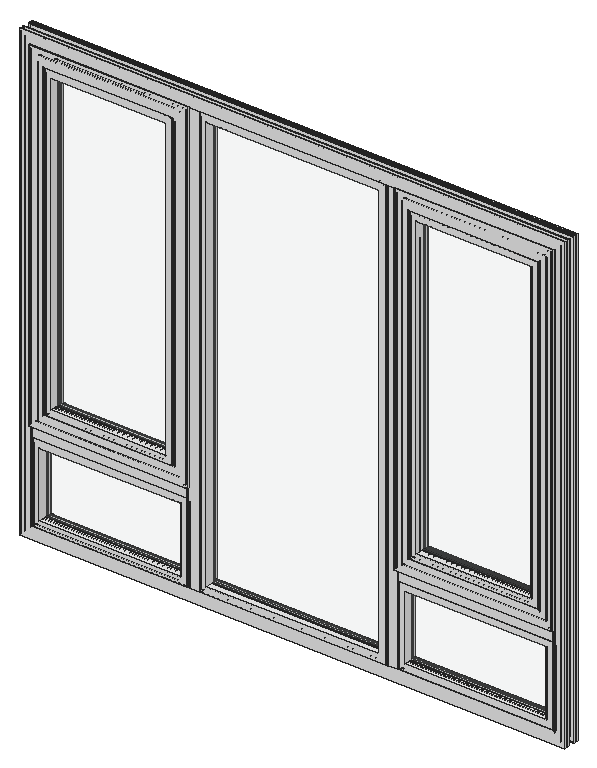
Revit family "Serene_T&T_Window_F_Custom", category Windows, host Wall, Revit 2014 (continued)
Definition of nested family "Serene_Fixed_Panel_F_Cust"
  Parameters (values of type "Serene_Fixed_Panel")
    Glazing Edge Spacing = 5 mm  # constant formula
    Fixed Panel Width [instance] = 600 mm
    Fixed Panel Height [instance] = 900 mm
    Double Glazing Gasket Material [instance] = none
    Double Glazing [instance] = yes
    DG Thickness [instance] = 4 mm
    DG Space Available [instance] = 24 mm  # constant formula
    DG Offset [instance] = (DG Space Available - (DG Thickness * 2) - DG Gasket Thickness) / 2  # 2 mm
    DG Gasket Thickness [instance] = 12 mm
  Reference planes
    plane 1 "Center (Front/Back)": y = 0
    plane 2: z = 0
    plane 3 "Center (Left/Right)": x = 0
  Dimensions and locks
    "Glazing Edge Spacing": plane 3 "Center (Left/Right)" to nested 3
    "Glazing Edge Spacing": plane 3 "Center (Left/Right)" to nested 4
    "Glazing Edge Spacing": nested 3 to plane 2
    "Glazing Edge Spacing": nested 4 to plane 2
    "SG Offset": nested 3 to nested 1
    "DG Offset": nested 4 to nested 2
    aligned and locked: level to plane 2
    aligned and locked: plane 3 "Center (Left/Right)" to nested 1
    aligned and locked: plane 1 "Center (Front/Back)" to nested 1
    aligned and locked: nested 1 to plane 2
    aligned and locked: plane 3 "Center (Left/Right)" to nested 2
    aligned and locked: plane 1 "Center (Front/Back)" to nested 2
    aligned and locked: nested 2 to plane 2
  Nested families
    nested 1: "Serene_Bead_Square_12mm" at (0, 0, 0), visible <- "Single Glazing", Profile Material <- "Profile Material", Width Bead <- "Fixed Panel Width", Height Bead <- "Fixed Panel Height", type "Serene_Bead_Square_12mm"
      with Width Bead 600 mm, Profile Material none, Height Bead 900 mm
    nested 2: "Serene_Bead_D_Glazing_Square" at (0, 0, 0), visible <- "Double Glazing", Profile Material <- "Profile Material", Width Bead <- "Fixed Panel Width", Height Bead <- "Fixed Panel Height", type "Serene_Bead_D_Glazing_Square"
      with Width Bead 600 mm, Profile Material none, Height Bead 900 mm
    nested 3: "Serene_Single_Glazing_Fixed_F_Cust" at (595, 36, 5), visible <- "Single Glazing", Glazing Material <- "Glazing Material", Glazing Width <- "Glazing Width", Glazing Height <- "Glazing Height", Glazing Thickness SG <- "SG Thickness", type "Serene_Single_Glazing_Fixed_F_Cust"
      with Glazing Width 590 mm, Glazing Thickness SG 4 mm, Glazing Material Glass, Glazing Height 890 mm
    nested 4: "Serene_Double_Glazing_Fixed_F_Cust" at (595, 38.5, 5), visible <- "Double Glazing", Glazing Material <- "Glazing Material", Double Glazing Gasket Material <- "Double Glazing Gasket Material", Glazing Width <- "Glazing Width", Glazing Height <- "Glazing Height", Glazing Thickness DG <- "DG Thickness", Double Glazing Gasket Thickness <- "DG Gasket Thickness", type "Serene_Double_Glazing_Fixed_F_Cust"
      with Glazing Width 590 mm, Glazing Thickness DG 4 mm, Glazing Material Glass, Glazing Height 890 mm, Double Glazing Gasket Thickness 12 mm, Double Glazing Gasket Material none
  Definition of nested family "Serene_Bead_Square_12mm"
    Parameters (values of type "Serene_Bead_Square_12mm")
      Profile Material [instance] = none
      Width Bead [instance] = 600 mm
      Height Bead [instance] = 900 mm
    Reference planes
      plane 1 "Center (Front/Back)": y = 0
      plane 2: z = 0
      plane 3 "Center (Left/Right)": x = 0
    Forms (mm)
      Sweep 1, solid, material <- "Profile Material"
        path origin (0, 0, 0) x (1, 0, 0) y (0, 0, 1)
          loop
            line (0, 0) -> (600, 0) -> (600, 900) -> (0, 900) -> (0, 0)
        profile origin (300, 0, 0) x (0, 0, 1) y (0, -1, 0)
          loop
            line (20.8, -26.3) -> (19.6, -26.3) -> (19.6, -27.5) -> (22, -27.5) -> (22, 0) -> (0, 0) -> (0, -1.2) -> (1.2, -1.2) -> (1.2, -4.2) -> (-1.876, -4.2) -> (-1.876, -3.293) -> (-3.909, -4.467)
            arc (-3.909, -4.467) -> (-4.142, -5.029) -> (-3.659, -5.4) r 0.5
            line (-3.659, -5.4) -> (1.4, -5.4)
            arc (1.4, -5.4) -> (2.107, -5.107) -> (2.4, -4.4) r 1
            line (2.4, -4.4) -> (2.4, -1.2) -> (20.8, -1.2) -> (20.8, -16.2) -> (-3.659, -16.2)
            arc (-3.659, -16.2) -> (-4.142, -16.571) -> (-3.909, -17.133) r 0.5
            line (-3.909, -17.133) -> (-1.876, -18.307) -> (-1.876, -17.4) -> (20.8, -17.4) -> (20.8, -23.4) -> (14.6, -23.4) -> (14.6, -27.5) -> (17, -27.5) -> (17, -26.3) -> (15.8, -26.3) -> (15.8, -24.6) -> (20.8, -24.6) -> (20.8, -26.3)
    Lines and regions (mm)
      model lines, style "GenericModel"
        curve 1: line (22, 0, 878) -> (0, 0, 900)
        curve 2: line (578, 0, 878) -> (600, 0, 900)
        curve 3: line (578, 0, 22) -> (600, 0, 0)
        curve 4: line (22, 0, 22) -> (0, 0, 0)
    Dimensions and locks
      "Width Bead": Sweep 1 sketch curve to Sweep 1 sketch curve
      "Height Bead": Sweep 1 sketch curve to Sweep 1 sketch curve
      aligned and locked: level to plane 2
    Automatic sketch dimensions
      profile plane to Sweep 1 sketch curve = 3.909 mm
      Sweep 1 sketch curve to Sweep 1 sketch curve = 0 mm  (x4)
      Sweep 1 sketch curve to Sweep 1 sketch curve = 0.25 mm  (x2)
      Sweep 1 sketch curve to Sweep 1 sketch curve = 1.783 mm  (x2)
      Sweep 1 sketch curve to Sweep 1 sketch curve = 1.876 mm
      Sweep 1 sketch curve to Sweep 1 sketch curve = 3.076 mm
      Sweep 1 sketch curve to Sweep 1 sketch curve = 0.2 mm  (x2)
      Sweep 1 sketch curve to Sweep 1 sketch curve = 1.2 mm  (x9)
      Sweep 1 sketch curve to Sweep 1 sketch curve = 16.476 mm
      Sweep 1 sketch curve to Sweep 1 sketch curve = 2.6 mm
      Sweep 1 sketch curve to plane 1 "Center (Front/Back)" = 27.5 mm
      Sweep 1 sketch curve to Sweep 1 sketch curve = 1.7 mm
      Sweep 1 sketch curve to Sweep 1 sketch curve = 5.093 mm
      Sweep 1 sketch curve to Sweep 1 sketch curve = 6 mm
      Sweep 1 sketch curve to Sweep 1 sketch curve = 0.267 mm
      Sweep 1 sketch curve to Sweep 1 sketch curve = 0.433 mm
      Sweep 1 sketch curve to Sweep 1 sketch curve = 10.8 mm
      Sweep 1 sketch curve to Sweep 1 sketch curve = 0.5 mm
      Sweep 1 sketch curve to Sweep 1 sketch curve = 0.907 mm
      Sweep 1 sketch curve to Sweep 1 sketch curve = 2.093 mm
      Sweep 1 sketch curve to Sweep 1 sketch curve = 15 mm
      curve 1 to Sweep 1 = 0 mm  (x4)
      curve 4 to Sweep 1 = 0 mm  (x3)
      Sweep 1 to curve 4 = 0 mm
      curve 3 to Sweep 1 = 0 mm  (x3)
      curve 2 to Sweep 1 = 0 mm  (x4)
      Sweep 1 to curve 3 = 0 mm
      Sweep 1 sketch curve to plane 3 "Center (Left/Right)" = 0 mm
      Sweep 1 sketch curve to level = 0 mm
  Definition of nested family "Serene_Bead_D_Glazing_Square"
    Parameters (values of type "Serene_Bead_D_Glazing_Square")
      Width Bead [instance] = 900 mm
      Profile Material [instance] = none
      Height Bead [instance] = 1320 mm
    Reference planes
      plane 1 "Center (Front/Back)": y = 0
      plane 2: z = 0
      plane 3 "Center (Left/Right)": x = 0
    Forms (mm)
      Sweep 1, solid, material <- "Profile Material"
        path origin (0, 0, 0) x (1, 0, 0) y (0, 0, 1)
          loop
            line (0, 0) -> (900, 0) -> (900, 1320) -> (0, 1320) -> (0, 0)
        profile origin (450, 0, 0) x (0, 0, 1) y (0, -1, 0)
          loop
            line (22, -16.5) -> (22, 0) -> (0, 0) -> (0, -1.2) -> (1.2, -1.2) -> (1.2, -4.2) -> (-1.876, -4.2) -> (-1.876, -3.293) -> (-3.909, -4.467)
            arc (-3.909, -4.467) -> (-4.142, -5.029) -> (-3.659, -5.4) r 0.5
            line (-3.659, -5.4) -> (1.4, -5.4)
            arc (1.4, -5.4) -> (2.107, -5.107) -> (2.4, -4.4) r 1
            line (2.4, -4.4) -> (2.4, -1.2) -> (20.8, -1.2) -> (20.8, -12.4) -> (14.6, -12.4) -> (0, -16.7) -> (-3.659, -16.7)
            arc (-3.659, -16.7) -> (-4.142, -17.071) -> (-3.909, -17.633) r 0.5
            line (-3.909, -17.633) -> (-1.876, -18.807) -> (-1.876, -17.9) -> (0.173, -17.9) -> (14.6, -13.651) -> (14.6, -16.5) -> (17, -16.5) -> (17, -15.3) -> (15.8, -15.3) -> (15.8, -13.6) -> (20.8, -13.6) -> (20.8, -15.3) -> (19.6, -15.3) -> (19.6, -16.5) -> (22, -16.5)
    Lines and regions (mm)
      model lines, style "GenericModel"
        curve 1: line (22, 0, 1298) -> (0, 0, 1298)
        curve 2: line (878, 0, 1298) -> (900, 0, 1298)
        curve 3: line (878, 0, 22) -> (900, 0, 22)
        curve 4: line (22, 0, 22) -> (0, 0, 22)
    Dimensions and locks
      "Width Bead": Sweep 1 sketch curve to Sweep 1 sketch curve
      "Height Bead": Sweep 1 sketch curve to Sweep 1 sketch curve
      aligned and locked: level to plane 2
    Automatic sketch dimensions
      profile plane to Sweep 1 sketch curve = 3.909 mm  (x2)
      Sweep 1 sketch curve to Sweep 1 sketch curve = 0.25 mm  (x2)
      Sweep 1 sketch curve to Sweep 1 sketch curve = 2.033 mm
      Sweep 1 sketch curve to Sweep 1 sketch curve = 1.783 mm
      Sweep 1 sketch curve to Sweep 1 sketch curve = 1.876 mm  (x2)
      Sweep 1 sketch curve to Sweep 1 sketch curve = 0.173 mm
      Sweep 1 sketch curve to Sweep 1 sketch curve = 1.2 mm  (x9)
      Sweep 1 sketch curve to Sweep 1 sketch curve = 0.2 mm
      Sweep 1 sketch curve to Sweep 1 sketch curve = 12.2 mm
      Sweep 1 sketch curve to Sweep 1 sketch curve = 0 mm  (x4)
      Sweep 1 sketch curve to Sweep 1 sketch curve = 2.6 mm
      Sweep 1 sketch curve to plane 1 "Center (Front/Back)" = 18.807 mm
      Sweep 1 sketch curve to Sweep 1 sketch curve = 0.907 mm  (x2)
      Sweep 1 sketch curve to Sweep 1 sketch curve = 0.267 mm
      Sweep 1 sketch curve to Sweep 1 sketch curve = 0.433 mm
      Sweep 1 sketch curve to plane 1 "Center (Front/Back)" = 16.5 mm
      Sweep 1 sketch curve to Sweep 1 sketch curve = 1.649 mm
      Sweep 1 sketch curve to Sweep 1 sketch curve = 1.7 mm
      Sweep 1 sketch curve to Sweep 1 sketch curve = 1.251 mm
      Sweep 1 sketch curve to Sweep 1 sketch curve = 11.3 mm
      Sweep 1 sketch curve to Sweep 1 sketch curve = 0.5 mm
      Sweep 1 sketch curve to Sweep 1 sketch curve = 0.7 mm
      Sweep 1 sketch curve to Sweep 1 sketch curve = 3 mm
      curve 1 to Sweep 1 = 0 mm  (x3)
      curve 4 to Sweep 1 = 0 mm  (x2)
      Sweep 1 to curve 4 = 0 mm
      curve 3 to Sweep 1 = 0 mm  (x2)
      curve 2 to Sweep 1 = 0 mm  (x2)
      Sweep 1 to curve 3 = 0 mm
      Sweep 1 to curve 2 = 0 mm
      Sweep 1 sketch curve to plane 3 "Center (Left/Right)" = 0 mm
      Sweep 1 sketch curve to level = 0 mm
  Definition of nested family "Serene_Single_Glazing_Fixed_F_Cust"
    Parameters (values of type "Single_Glazing_Fixed")
      Glazing Width [instance] = 900 mm
      Glazing Height [instance] = 1500 mm
      Glazing Thickness SG [instance] = 4 mm
      Glazing Material [instance] = Glass
    Reference planes
      plane 1 "Center (Front/Back)": y = 0
      plane 2: z = 0
      plane 3 "Center (Left/Right)": x = 0
    Forms (mm)
      Extrusion 1, solid, material "Glass" <- "Glazing Material"
        sketch origin (0, 0, 0) x (1, 0, 0) y (0, 0, 1)
          loop
            line (0, 0) -> (0, 1500) -> (-900, 1500) -> (-900, 0) -> (0, 0)
        from 0 to 4 <- "Glazing Thickness SG"
    Dimensions and locks
      "Glazing Width": plane 3 "Center (Left/Right)" to Extrusion 1 sketch curve
      "Glazing Height": Extrusion 1 sketch curve to level
      aligned and locked: level to plane 2
      aligned and locked: Extrusion 1 sketch curve to plane 3 "Center (Left/Right)"
      aligned and locked: level to Extrusion 1 sketch curve
  Definition of nested family "Serene_Double_Glazing_Fixed_F_Cust"
    Parameters (values of type "Double_Glazing_Fixed")
      Glazing Width [instance] = 600 mm
      Glazing Height [instance] = 600 mm
      Glazing Thickness DG [instance] = 4 mm
      Glazing Material [instance] = Glass
      Double Glazing Gasket Thickness [instance] = 12 mm
      Double Glazing Gasket Material [instance] = none
    Reference planes
      plane 1 "Center (Front/Back)": y = 0
      plane 2: z = 0
      plane 3 "Center (Left/Right)": x = 0
    Forms (mm)
      Extrusion 1, solid, material "Glass" <- "Glazing Material"
        sketch origin (0, 0, 0) x (1, 0, 0) y (0, 0, 1)
          loop
            line (0, 0) -> (0, 600) -> (-600, 600) -> (-600, 0) -> (0, 0)
        from 0 to 4 <- "Glazing Thickness DG"
      Extrusion 2, solid, material <- "Double Glazing Gasket Material"
        sketch origin (0, -4, 0) x (1, 0, 0) y (0, 0, 1)
          loop
            line (-600, 600) -> (-600, 0) -> (0, 0) -> (0, 600) -> (-600, 600)
          loop
            line (-592, 8) -> (-8, 8) -> (-8, 592) -> (-592, 592) -> (-592, 8)
        from 0 to 12 <- "Double Glazing Gasket Thickness"
      Extrusion 3, solid, material "Glass" <- "Glazing Material"
        sketch origin (0, -16, 0) x (1, 0, 0) y (0, 0, 1)
          loop
            line (-600, 600) -> (-600, 0) -> (0, 0) -> (0, 600) -> (-600, 600)
        from 0 to 4 <- "Glazing Thickness DG"
    Dimensions and locks
      "Glazing Width": plane 3 "Center (Left/Right)" to Extrusion 1 sketch curve
      "Glazing Height": Extrusion 1 sketch curve to level
      aligned and locked: level to plane 2
      aligned and locked: Extrusion 1 sketch curve to plane 3 "Center (Left/Right)"
      aligned and locked: level to Extrusion 1 sketch curve
      aligned and locked: Extrusion 2 sketch curve to Extrusion 1  (x4)
      aligned and locked: Extrusion 3 sketch curve to Extrusion 2  (x4)
    Automatic sketch dimensions
      Extrusion 2 sketch curve to Extrusion 1 = 8 mm  (x4)
Definition of nested family "Serene_Single_Glazing_Tilt_&_Turn_F_Cust"
  Parameters (values of type "Single_Glazing_Tilt_&_Turn")
    Tilt [instance] = yes
    Right Hinged [instance] = yes
    Left Hinged [instance] = yes
    Half Width [instance] = Glazing Width / 2  # 450 mm
    Half Height [instance] = Glazing Height / 2  # 750 mm
    Glazing Width [instance] = 900 mm
    Glazing Height [instance] = 1500 mm
    Glazing Thickness SG [instance] = 4 mm
    Glazing Material [instance] = Glass
    Glazing Bead Gap = 21.8 mm  # constant formula
  Reference planes
    plane 1 "Center (Front/Back)": y = 0
    plane 2: z = 0
    plane 3 "Center (Left/Right)": x = 0
  Forms (mm)
    Extrusion 1, solid, material "Glass" <- "Glazing Material"
      sketch origin (0, 0, 0) x (1, 0, 0) y (0, 0, 1)
        loop
          line (0, 0) -> (0, 1500) -> (-900, 1500) -> (-900, 0) -> (0, 0)
      from 0 to 4 <- "Glazing Thickness SG"
  Lines and regions (mm)
    model lines, style "GenericModelHiddenLines", visible <- "Left Hinged"
      curve 1: line (-878.2, 0, 1478.2) -> (-21.8, 0, 750)
      curve 2: line (-21.8, 0, 750) -> (-878.2, 0, 21.8)
    model lines, style "GenericModelHiddenLines", visible <- "Right Hinged"
      curve 3: line (-21.8, 0, 1478.2) -> (-878.2, 0, 750)
      curve 4: line (-878.2, 0, 750) -> (-21.8, 0, 21.8)
    model lines, style "GenericModelHiddenLines", visible <- "Tilt"
      curve 5: line (-878.2, 0, 21.8) -> (-450, 0, 1478.2)
      curve 6: line (-450, 0, 1478.2) -> (-21.8, 0, 21.8)
  Dimensions and locks
    "Glazing Width": plane 3 "Center (Left/Right)" to Extrusion 1 sketch curve
    "Glazing Height": Extrusion 1 sketch curve to level
    "Glazing Bead Gap": curve 2 to Extrusion 1
    "Glazing Bead Gap": Extrusion 1 to curve 2  (x2)
    "Glazing Bead Gap": Extrusion 1 to curve 4  (x2)
    "Glazing Bead Gap": curve 4 to Extrusion 1
    "Glazing Bead Gap": Extrusion 1 to curve 3  (x2)
    "Glazing Bead Gap": Extrusion 1 to curve 1  (x2)
    "Half Height": curve 4 to Extrusion 1
    "Half Height": curve 2 to Extrusion 1
    "Glazing Bead Gap": Extrusion 1 to curve 6
    "Half Width": plane 3 "Center (Left/Right)" to curve 6
    aligned and locked: level to plane 2
    aligned and locked: Extrusion 1 sketch curve to plane 3 "Center (Left/Right)"
    aligned and locked: level to Extrusion 1 sketch curve
Definition of nested family "Serene_Single_Glazing_Fixed_F_Cust"
  Parameters (values of type "Single_Glazing_Fixed")
    Glazing Width [instance] = 900 mm
    Glazing Height [instance] = 1500 mm
    Glazing Thickness SG [instance] = 4 mm
    Glazing Material [instance] = Glass
  Reference planes
    plane 1 "Center (Front/Back)": y = 0
    plane 2: z = 0
    plane 3 "Center (Left/Right)": x = 0
  Forms (mm)
    Extrusion 1, solid, material "Glass" <- "Glazing Material"
      sketch origin (0, 0, 0) x (1, 0, 0) y (0, 0, 1)
        loop
          line (0, 0) -> (0, 1500) -> (-900, 1500) -> (-900, 0) -> (0, 0)
      from 0 to 4 <- "Glazing Thickness SG"
  Dimensions and locks
    "Glazing Width": plane 3 "Center (Left/Right)" to Extrusion 1 sketch curve
    "Glazing Height": Extrusion 1 sketch curve to level
    aligned and locked: level to plane 2
    aligned and locked: Extrusion 1 sketch curve to plane 3 "Center (Left/Right)"
    aligned and locked: level to Extrusion 1 sketch curve
Definition of nested family "Serene_Transom_44mm_Flat_F_Cust"
  Parameters (values of type "Serene_Transom_44mm_Flat")
    Profile Material [instance] = none
    Length Transom [instance] = 250 mm
    Length Cut = 22 mm  # constant formula
  Reference planes
    plane 1 "Center (Front/Back)": y = 0
    plane 2: z = 0
    plane 3 "Center (Left/Right)": x = 0
  Forms (mm)
    Extrusion 1, solid, material <- "Profile Material"
      sketch origin (0, 0, 0) x (0, 1, 0) y (0, 0, 1)
        loop
          line (15.982, 319.501) -> (57.682, 319.501) -> (57.682, 346.701) -> (15.982, 346.701) -> (15.982, 319.501)
        loop
          line (59.182, 375.101) -> (54.979, 375.101) -> (54.979, 372.601) -> (56.179, 372.601) -> (56.179, 373.801) -> (57.683, 373.801) -> (57.683, 368.601) -> (56.179, 368.601) -> (56.179, 369.801) -> (54.979, 369.801) -> (54.979, 367.301) -> (57.682, 367.301) -> (57.682, 348.101) -> (50.38, 348.101) -> (50.38, 353.101) -> (47.436, 353.101) -> (46.269, 351.601) -> (49.08, 351.601) -> (49.08, 348.101) -> (35.58, 348.101) -> (35.58, 351.601) -> (40.89, 351.601) -> (39.724, 353.101) -> (33.287, 353.101) -> (32.297, 351.101) -> (33.98, 351.101) -> (33.98, 348.101) -> (15.98, 348.101) -> (15.98, 351.101) -> (18.662, 351.101) -> (17.673, 353.101) -> (14.48, 353.101) -> (14.48, 313.1) -> (17.673, 313.1) -> (18.662, 315.1) -> (15.98, 315.1) -> (15.98, 318.1) -> (33.98, 318.1) -> (33.98, 315.1) -> (32.297, 315.1) -> (33.287, 313.1) -> (39.724, 313.1) -> (40.89, 314.6) -> (35.58, 314.6) -> (35.58, 318.1) -> (49.08, 318.1) -> (49.08, 314.6) -> (46.269, 314.6) -> (47.436, 313.1) -> (50.38, 313.1) -> (50.38, 318.1) -> (57.682, 318.1) -> (57.682, 298.901) -> (54.979, 298.901) -> (54.979, 296.401) -> (56.179, 296.401) -> (56.179, 297.601) -> (57.683, 297.601) -> (57.683, 292.401) -> (56.179, 292.401) -> (56.179, 293.601) -> (54.979, 293.601) -> (54.979, 291.101) -> (59.182, 291.101) -> (59.182, 375.101)
      from 0 to 250 <- "Length Transom"
    Extrusion 2, void
      sketch origin (250, 0, 0) x (0, -1, 0) y (0, 0, 1)
        loop
          line (-54.979, 375.101) -> (-59.182, 375.101) -> (-59.182, 291.101) -> (-54.979, 291.101) -> (-54.979, 375.101)
      from 0 to 22 <- "Length Cut"
    Extrusion 3, void
      sketch origin (0, 0, 0) x (0, 1, 0) y (0, 0, 1)
        loop
          line (59.182, 375.101) -> (54.979, 375.101) -> (54.979, 291.101) -> (59.182, 291.101) -> (59.182, 375.101)
      from 0 to 22 <- "Length Cut"
  Cuts and joins
    Extrusion 2, Extrusion 3 cuts Extrusion 1
  Dimensions and locks
    aligned and locked: level to plane 2
Definition of nested family "Serene_Mullion_73mm_Decorative_F_Cust"
  Parameters (values of type "Serene_Mullion_73mm_Decorative")
    Profile Material [instance] = none
    Length Mullion [instance] = 250 mm
    Length Cut Small = 40 mm  # constant formula
    Length Cut Large = 62 mm  # constant formula
  Reference planes
    plane 1 "Center (Front/Back)": y = 0
    plane 2: z = 0
    plane 3 "Center (Left/Right)": x = 0
  Forms (mm)
    Extrusion 1, solid, material <- "Profile Material"
      sketch origin (0, 0, 0) x (1, 0, 0) y (0, 1, 0)
        loop
          line (77.052, 29.065) -> (77.052, 60.144)
          arc (77.052, 60.144) -> (74.468, 68.56) -> (67.608, 74.077) r 15
          arc (67.608, 74.077) -> (64.642, 75.915) -> (62.488, 78.661) r 10
          arc (62.488, 78.661) -> (56.97, 84.466) -> (49.252, 86.604) r 15
          line (49.252, 86.604) -> (44.549, 86.604) -> (44.549, 84.104) -> (45.749, 84.104) -> (45.749, 85.304) -> (47.253, 85.304) -> (47.253, 80.104) -> (45.749, 80.104) -> (45.749, 81.304) -> (44.549, 81.304) -> (44.549, 78.804) -> (47.252, 78.804) -> (47.252, 59.604) -> (39.95, 59.604) -> (39.95, 64.604) -> (37.006, 64.604) -> (35.839, 63.104) -> (38.65, 63.104) -> (38.65, 59.604) -> (25.15, 59.604) -> (25.15, 63.104) -> (30.46, 63.104) -> (29.294, 64.604) -> (22.857, 64.604) -> (21.867, 62.604) -> (23.55, 62.604) -> (23.55, 59.604) -> (5.55, 59.604) -> (5.55, 62.604) -> (8.232, 62.604) -> (7.243, 64.604) -> (4.05, 64.604) -> (4.05, 24.603) -> (7.243, 24.603) -> (8.232, 26.603) -> (5.55, 26.603) -> (5.55, 29.603) -> (23.55, 29.603) -> (23.55, 26.603) -> (21.867, 26.603) -> (22.857, 24.603) -> (29.294, 24.603) -> (30.46, 26.103) -> (25.15, 26.103) -> (25.15, 29.603) -> (38.65, 29.603) -> (38.65, 26.103) -> (35.839, 26.103) -> (37.006, 24.603) -> (39.95, 24.603) -> (39.95, 29.603) -> (47.252, 29.603) -> (47.252, 10.404) -> (44.549, 10.404) -> (44.549, 7.904) -> (45.749, 7.904) -> (45.749, 9.104) -> (47.253, 9.104) -> (47.253, 3.904) -> (45.749, 3.904) -> (45.749, 5.104) -> (44.549, 5.104) -> (44.549, 2.604) -> (49.252, 2.604)
          arc (49.252, 2.604) -> (56.97, 4.743) -> (62.488, 10.548) r 15
          arc (62.488, 10.548) -> (64.642, 13.293) -> (67.608, 15.132) r 10
          arc (67.608, 15.132) -> (74.468, 20.649) -> (77.052, 29.065) r 15
        loop
          line (75.652, 29.065) -> (75.652, 60.144)
          arc (75.652, 60.144) -> (73.31, 67.774) -> (67.09, 72.777) r 13.6
          arc (67.09, 72.777) -> (63.708, 74.872) -> (61.253, 78.002) r 11.4
          arc (61.253, 78.002) -> (56.034, 83.392) -> (48.752, 85.195) r 13.6
          line (48.752, 85.195) -> (48.752, 4.014)
          arc (48.752, 4.014) -> (56.034, 5.816) -> (61.253, 11.206) r 13.6
          arc (61.253, 11.206) -> (63.708, 14.336) -> (67.09, 16.432) r 11.4
          arc (67.09, 16.432) -> (73.31, 21.434) -> (75.652, 29.065) r 13.6
        loop
          line (5.552, 31.004) -> (47.252, 31.004) -> (47.252, 58.204) -> (5.552, 58.204) -> (5.552, 31.004)
      from 0 to 250 <- "Length Mullion"
    Extrusion 2, void
      sketch origin (0, 0, 250) x (0, 1, 0) y (1, 0, 0)
        loop
          line (2.604, 44.549) -> (86.604, 44.549) -> (86.604, 56.052) -> (2.604, 56.052) -> (2.604, 44.549)
      from 0 to 62 <- "Length Cut Large"
    Extrusion 3, void
      sketch origin (0, 0, 250) x (0, 1, 0) y (1, 0, 0)
        loop
          line (64.604, 4.05) -> (64.604, 44.549) -> (24.603, 44.549) -> (24.603, 4.05) -> (64.604, 4.05)
      from 0 to 40 <- "Length Cut Small"
    Extrusion 4, void
      sketch origin (0, 0, 0) x (1, 0, 0) y (0, 1, 0)
        loop
          line (44.549, 86.604) -> (44.549, 2.604) -> (56.052, 2.604) -> (56.052, 86.604) -> (44.549, 86.604)
      from 0 to 62 <- "Length Cut Large"
    Extrusion 5, void
      sketch origin (0, 0, 0) x (1, 0, 0) y (0, 1, 0)
        loop
          line (44.549, 24.603) -> (44.549, 64.604) -> (4.05, 64.604) -> (4.05, 24.603) -> (44.549, 24.603)
      from 0 to 40 <- "Length Cut Small"
  Cuts and joins
    Extrusion 2, Extrusion 3, Extrusion 4, Extrusion 5 cuts Extrusion 1
  Dimensions and locks
    aligned and locked: level to plane 2
